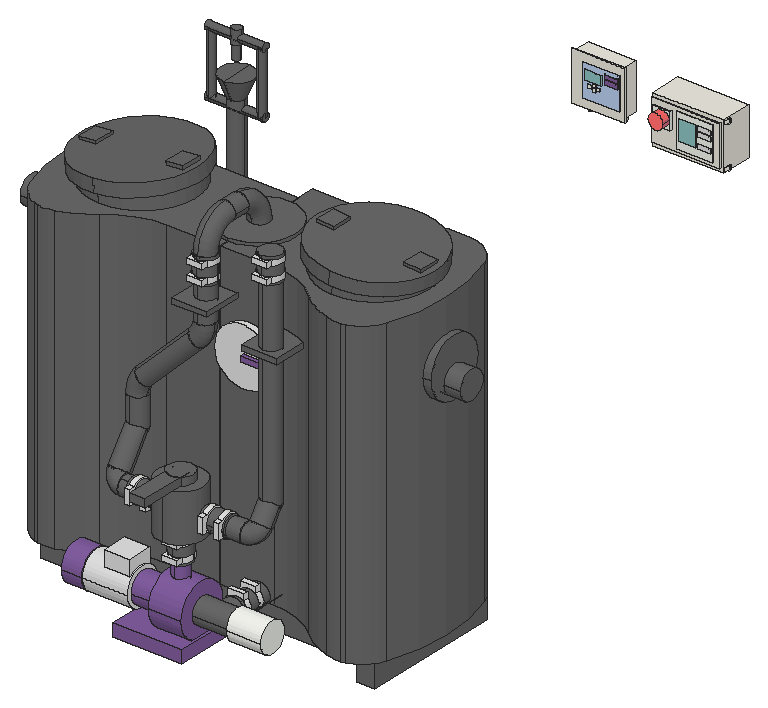
Revit family "93003.02_ms", category Generic Models, Revit 2021 (continued)
Definition of nested family "93003.02_ms_part3_X0Y0"
  Definition of nested family "93003.02_ms_part3_content"
    Forms (mm)
      Revolve 44, solid, detail levels medium+fine
        sketch origin (-305, 275, 1529.6) x (0, 0, 1) y (0, 1, 0)
          loop
            line (0, 0) -> (81, 0) -> (81, 65) -> (0, 31) -> (0, 0)
          axis (81, 0) -> (0, 0)
        angle from -360 to 0
      Extrusion 45, solid, detail levels medium+fine
        sketch origin (-440.694, 0, 1072.927) x (0, -1, 0) y (0.996195, 0, 0.087156)
          loop
            circle (0, 0) r 211
        from 0 to 281.5
      Extrusion 46, solid, detail levels medium+fine
        sketch origin (-465.2, 0, 1353.35) x (0, -1, 0) y (0.996195, 0, 0.087156)
          loop
            circle (0, 0) r 233
        from 0 to 51
      Extrusion 47, solid, detail levels medium+fine
        sketch origin (-330.3, -41, 1416.3) x (0, 1, 0) y (-0.087156, 0, 0.996195)
          loop
            line (0, 12) -> (0, 0) -> (82, 0) -> (82, 12) -> (0, 12)
        from 0 to 66
      Extrusion 48, solid, detail levels medium+fine
        sketch origin (-609.2, 41, 1391.85) x (0, -1, 0) y (-0.087156, 0, 0.996195)
          loop
            line (0, 12) -> (0, 0) -> (82, 0) -> (82, 12) -> (0, 12)
        from 0 to 66
      Extrusion 49, solid, detail levels medium+fine
        sketch origin (290, -301.5, 1345.5) x (0, 1, 0) y (-1, 0, 0)
          loop
            circle (0, 0) r 42
        from 0 to 100
      Extrusion 50, solid, detail levels medium+fine
        sketch origin (290, -301.5, 1355.5) x (0, 1, 0) y (-1, 0, 0)
          loop
            circle (0, 0) r 45
        from 0 to 20
      Extrusion 51, solid, detail levels medium+fine
        sketch origin (290, -301.5, 1415.5) x (0, 1, 0) y (-1, 0, 0)
          loop
            circle (0, 0) r 45
        from 0 to 20
      Extrusion 52, solid, detail levels medium+fine
        sketch origin (260, -332.5, 1375.5) x (0, 0, -1) y (1, 0, 0)
          loop
            line (0, 60) -> (0, 0) -> (20, 0) -> (20, 60) -> (0, 60)
        from 0 to 25
      Extrusion 53, solid, detail levels medium+fine
        sketch origin (260, -332.5, 1435.5) x (0, 0, -1) y (1, 0, 0)
          loop
            line (0, 60) -> (0, 0) -> (20, 0) -> (20, 60) -> (0, 60)
        from 0 to 25
      Extrusion 54, solid, detail levels medium+fine
        sketch origin (-303.5, -155.5, 0) x (0, 1, 0) y (0, 0, 1)
          loop
            line (0, 113) -> (0, 0) -> (389, 0) -> (389, 113) -> (0, 113)
        from 0 to 760
      Extrusion 55, solid, detail levels medium+fine
        sketch origin (-110, 215, 1148.5) x (0, 0, -1) y (1, 0, 0)
          loop
            circle (0, 0) r 31.5
        from 0 to 15.5
      Revolve 56, solid, detail levels medium+fine
        sketch origin (-110, 215, 1148.5) x (0, 0, -1) y (-1, 0, 0)
          loop
            circle (0, 0) r 31.5
          axis (60, 0) -> (60, -1)
        angle from -90 to 0
      Extrusion 57, solid, detail levels medium+fine
        sketch origin (154.75, -214.5, 135) x (0, 0, -1) y (1, 0, 0)
          loop
            circle (0, 0) r 42
        from -100 to 100
      Extrusion 58, solid, detail levels medium+fine
        sketch origin (154.75, -224.5, 135) x (0, 0, -1) y (1, 0, 0)
          loop
            line (-56, -30) -> (-33.541, -30)
            arc (-33.541, -30) -> (45, 0) -> (-33.541, 30) r 45
            line (-33.541, 30) -> (-56, 30) -> (-56, -30)
        from 0 to 20
      Extrusion 59, solid, detail levels medium+fine
        sketch origin (154.75, -383, 135) x (-1, 0, 0) y (0, 0, 1)
          loop
            circle (0, 0) r 40
        from 0 to 193.5
      Extrusion 60, solid, detail levels medium+fine
        sketch origin (154.75, -284.5, 135) x (0, 0, -1) y (1, 0, 0)
          loop
            line (-56, -30) -> (-33.541, -30)
            arc (-33.541, -30) -> (45, 0) -> (-33.541, 30) r 45
            line (-33.541, 30) -> (-56, 30) -> (-56, -30)
        from 0 to 20
      Extrusion 61, solid, detail levels medium+fine
        sketch origin (82.5, -383, 135) x (0, 1, 0) y (0, 0, 1)
          loop
            circle (0, 0) r 50
        from 0 to 144.5
      Extrusion 62, solid, detail levels medium+fine
        sketch origin (-47, -383, 135) x (0, 1, 0) y (0, 0, 1)
          loop
            circle (0, 0) r 101
        from 0 to 129.5
      Extrusion 63, solid, detail levels medium+fine
        sketch origin (0, -383, 284) x (-1, 0, 0) y (0, 1, 0)
          loop
            circle (0, 0) r 31.5
        from 0 to 149
      Extrusion 64, solid, detail levels medium+fine
        sketch origin (-152, -383, 135) x (0, 1, 0) y (0, 0, 1)
          loop
            circle (0, 0) r 60
        from 0 to 105
      Extrusion 65, solid, detail levels medium+fine
        sketch origin (97.5, -269, 0) x (0, -1, 0) y (0, 0, 1)
          loop
            line (0, 48) -> (0, 0) -> (230, 0) -> (230, 48) -> (0, 48)
        from 0 to 272
      Extrusion 66, solid, detail levels medium+fine
        sketch origin (0, -383, 284) x (0, 1, 0) y (-1, 0, 0)
          loop
            circle (0, 0) r 42
        from 0 to 100
      Extrusion 67, solid, detail levels medium+fine
        sketch origin (0, -383, 294) x (0, 1, 0) y (-1, 0, 0)
          loop
            circle (0, 0) r 45
        from 0 to 20
      Extrusion 68, solid, detail levels medium+fine
        sketch origin (0, -383, 354) x (0, 1, 0) y (-1, 0, 0)
          loop
            circle (0, 0) r 45
        from 0 to 20
      Extrusion 69, solid, detail levels medium+fine
        sketch origin (-30, -414, 314) x (0, 0, -1) y (1, 0, 0)
          loop
            line (0, 60) -> (0, 0) -> (20, 0) -> (20, 60) -> (0, 60)
        from 0 to 25
      Extrusion 70, solid, detail levels medium+fine
        sketch origin (-30, -414, 374) x (0, 0, -1) y (1, 0, 0)
          loop
            line (0, 60) -> (0, 0) -> (20, 0) -> (20, 60) -> (0, 60)
        from 0 to 25
      Extrusion 71, solid, detail levels medium+fine
        sketch origin (227, -383, 135) x (0, 1, 0) y (0, 0, 1)
          loop
            circle (0, 0) r 58.5
        from 0 to 135.5
      Extrusion 72, solid, detail levels medium+fine
        sketch origin (-333, -383, 135) x (0, 1, 0) y (0, 0, 1)
          loop
            circle (0, 0) r 73.5
        from 0 to 181
      Extrusion 73, solid, detail levels medium+fine
        sketch origin (-262, -433, 188.5) x (0, 1, 0) y (0, 0, 1)
          loop
            line (0, 60) -> (0, 0) -> (100, 0) -> (100, 60) -> (0, 60)
        from 0 to 100
      Extrusion 74, solid, detail levels medium+fine
        sketch origin (-413, -383, 135) x (0, 1, 0) y (0, 0, 1)
          loop
            circle (0, 0) r 73.5
        from 0 to 80
      Extrusion 75, solid, detail levels medium+fine
        sketch origin (-68, -340.2, 1148.3) x (0, 1, 0) y (0, 0, 1)
          loop
            line (0, 20.5) -> (0, 0) -> (184.7, 0) -> (184.7, 20.5) -> (0, 20.5)
        from 0 to 138
      Extrusion 76, solid, detail levels medium+fine
        sketch origin (0, -260, 1080.432) x (0, 1, 0) y (-1, 0, 0)
          loop
            circle (0, 0) r 37.5
        from 0 to 241.07
      Extrusion 77, solid, detail levels medium+fine
        sketch origin (0, -260, 1231.5) x (0, 1, 0) y (-1, 0, 0)
          loop
            circle (0, 0) r 45
        from 0 to 20
      Extrusion 78, solid, detail levels medium+fine
        sketch origin (0, -260, 1221.5) x (0, 1, 0) y (-1, 0, 0)
          loop
            circle (0, 0) r 42
        from 0 to 100
      Extrusion 79, solid, detail levels medium+fine
        sketch origin (0, -260, 1291.5) x (0, 1, 0) y (-1, 0, 0)
          loop
            circle (0, 0) r 45
        from 0 to 20
      Extrusion 80, solid, detail levels medium+fine
        sketch origin (-30, -291, 1251.5) x (0, 0, -1) y (1, 0, 0)
          loop
            line (0, 60) -> (0, 0) -> (20, 0) -> (20, 60) -> (0, 60)
        from 0 to 25
      Extrusion 81, solid, detail levels medium+fine
        sketch origin (-30, -291, 1311.5) x (0, 0, -1) y (1, 0, 0)
          loop
            line (0, 60) -> (0, 0) -> (20, 0) -> (20, 60) -> (0, 60)
        from 0 to 25
      Revolve 82, solid, detail levels medium+fine
        sketch origin (0, -260, 1321.5) x (0, 1, 0) y (-1, 0, 0)
          loop
            circle (0, 0) r 37.5
          axis (100, 0) -> (100, -1)
        angle from -90 to 0
      Extrusion 83, solid, detail levels medium+fine
        sketch origin (0, 0, 1310) x (0, 1, 0) y (-1, 0, 0)
          loop
            circle (0, 0) r 148.5
        from 0 to 11.5
      Revolve 84, solid, detail levels medium+fine
        sketch origin (0, 5.5, 1321.5) x (0, -1, 0) y (1, 0, 0)
          loop
            circle (0, 0) r 37.5
          axis (100, 0) -> (100, -1)
        angle from -90 to 0
      Extrusion 85, solid, detail levels medium+fine
        sketch origin (592, -250.5, 0) x (0, 1, 0) y (0, 0, 1)
          loop
            line (0, 113) -> (0, 0) -> (553.5, 0) -> (553.5, 113) -> (0, 113)
        from 0 to 70.5
      Extrusion 86, solid, detail levels medium+fine
        sketch origin (0, -160, 1421.5) x (-1, 0, 0) y (0, 0, 1)
          loop
            circle (0, 0) r 37.5
        from 0 to 65.5
      Extrusion 87, solid, detail levels medium+fine
        sketch origin (-746.1, 0, 1113) x (0, -1, 0) y (0, 0, 1)
          loop
            circle (0, 0) r 55
        from 0 to 151.5
      Extrusion 88, solid, detail levels medium+fine
        sketch origin (-738, 0, 1070) x (0, -1, 0) y (0, 0, 1)
          loop
            circle (0, 0) r 114
        from 0 to 38
      Extrusion 89, solid, detail levels medium+fine
        sketch origin (738, 0, 1070) x (0, 1, 0) y (0, 0, 1)
          loop
            circle (0, 0) r 114
        from 0 to 38
      Extrusion 90, solid, detail levels medium+fine
        sketch origin (746, 0, 1030) x (0, 1, 0) y (0, 0, 1)
          loop
            circle (0, 0) r 55
        from 0 to 98
      Extrusion 91, solid, detail levels coarse
        sketch origin (-26.8, -129.5, 0) x (1, 0, 0) y (0, 1, 0)
          loop
            line (-870.8, -469.5) -> (870.8, -469.5) -> (870.8, 469.5) -> (-870.8, 469.5) -> (-870.8, -469.5)
        from 0 to 1772.9
    Dimensions and locks
      aligned and locked: level to plane 2
